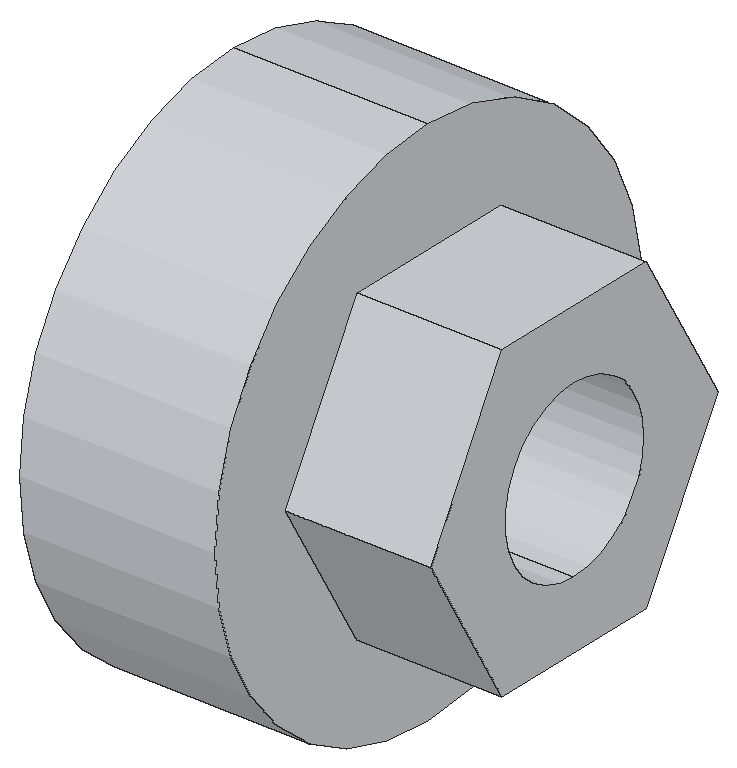
Revit family "TR2073", category Verbindungsmittel, Revit 2021
Family settings
  OmniClass-Nummer = 23.25.10.27.11.21
  OmniClass-Titel = Reinforcement Couplers
  Arbeitsebenenbasiert = Nein
  Immer vertikal = Nein
  Beim Laden mit Abzugskörper schneiden = Nein
  Gemeinsam genutzt = Nein
Parameters (values of type "TR 2073-ø18")
  URL = "http//:www.annahuette.com"
  Typenkommentare = "TR 2073 - Ankerstück"
  Typenbild = TR2073.png
  TR2073-ød = 18 mm
  TR2073-ø = 55 mm
  TR2073-SW_Vis = [TR2073-SW] = [TR2073-SW]  # yes
  TR2073-SW = 32 mm
  TR2073-Ld = 20 mm
  TR2073-L_Vis = [TR2073-L] = [TR2073-L]  # yes
  TR2073-L1 = [TR2073-L] - [TR2073-Ld]  # 15 mm
  TR2073-L = 35 mm
  TR2073-G_Vis = [TR2073-G] = [TR2073-G]  # yes
  TR2073-G = 0.28 kg
  Stabgröße 2 = Keine
  Stabgröße 1 = SAS 670 - ø18
  Modell = "TR 2073"
  Körper = if([TR2073-G_Vis], [TR2073-G], 0.00 kg)  # 0,28 kg
  Hersteller = "Stahlwerk Annahütte Max Aicher GmbH Co.KG"
  Gesamtlänge = if([TR2073-L_Vis], [TR2073-L], 0 mm)  # 35 mm
  Endenbearbeitung 2 = Mit Gewinde
  Endenbearbeitung 1 = Mit Gewinde
  Einfassung Stab 2 = 0 mm  # constant formula
  Einfassung Stab 1 = if([TR2073-L_Vis], [TR2073-L], 0 mm)  # 35 mm
  Beschreibung = "TR2073-ø18"
  Außendurchmesser = if([TR2073-SW_Vis], [TR2073-SW], 0 mm)  # 32 mm
Types (11, lengths in mm): name | Typenkommentare | TR2073-ød | TR2073-ø | TR2073-SW | TR2073-Ld | TR2073-L1 | TR2073-L | TR2073-G | Stabgröße 1 | Körper | Gesamtlänge | Einfassung Stab 2 | Einfassung Stab 1 | Beschreibung | Außendurchmesser
  (no name) | "TR 2073 - Ankerstück" | 18 | 55 | 32 | 20 | 15 | 35 | 0.28 kg | SAS 670 - ø18 | 0.28 (stored number, unit not read) | 35 | (empty or 0) | 0.11483 (stored number, unit not read) | "TR2073-ø18" | 32
  TR 2073-ø18 | "TR 2073 - Ankerstück" | 18 | 55 | 32 | 20 | 15 | 35 | 0.28 kg | SAS 670 - ø18 | 0,28 kg | 35 | 0 mm | 35 mm | "TR2073-ø18" | 32
  TR 2073-ø22 | "TR 2073 - Ankermutter mit Bund" | 22 | 65 | 36 | 20 | 25 | 45 | 0.43 kg | SAS 670 - ø22 | 0,43 kg | 45 | 0 mm | 45 mm | "TR2073-ø22" | 36
  TR 2073-ø25 | "TR 2073 - Ankermutter mit Bund" | 25 | 75 | 41 | 20 | 30 | 50 | 0.62 kg | SAS 670 - ø25 | 0,62 kg | 50 | 0 mm | 50 mm | "TR2073-ø25" | 41
  TR 2073-ø28 | "TR 2073 - Ankerstück" | 28 | 85 | 46 | 20 | 35 | 55 | 0.85 kg | SAS 670 - ø28 | 0,85 kg | 55 | 0 mm | 55 mm | "TR2073-ø28" | 46
  TR 2073-ø30 | "TR 2073 - Ankermutter mit Bund" | 30 | 90 | 50 | 20 | 40 | 60 | 1.03 kg | SAS 670 - ø30 | 1,03 kg | 60 | 0 mm | 60 mm | "TR2073-ø30" | 50
  TR 2073-ø35 | "TR 2073 - Ankermutter mit Bund" | 35 | 105 | 60 | 30 | 40 | 70 | 1.66 kg | SAS 670 - ø35 | 1,66 kg | 70 | 0 mm | 70 mm | "TR2073-ø35" | 60
  TR 2073-ø43 | "TR 2073 - Ankermutter mit Bund" | 43 | 130 | 70 | 30 | 55 | 85 | 2.74 kg | SAS 670 - ø43 | 2,74 kg | 85 | 0 mm | 85 mm | "TR2073-ø43" | 70
  TR 2073-ø50 | "TR 2073 - Ankermutter mit Bund" | 50 | 150 | 80 | 30 | 70 | 100 | 3.63 kg | SAS 670 - ø50 | 3,63 kg | 100 | 0 mm | 100 mm | "TR2073-ø50" | 80
  TR 2073-ø57,5 | "TR 2073 - Ankermutter mit Bund" | 57.5 | 175 | 90 | 30 | 85 | 115 | 6.96 kg | SAS 670 - ø57,5 | 6,96 kg | 115 | 0 mm | 115 mm | "TR2073-ø57,5" | 90
  TR 2073-ø63,5 | "TR 2073 - Ankermutter mit Bund" | 63.5 | 190 | 100 | 40 | 85 | 125 | 8.78 kg | SAS 670 - ø63,5 | 8,78 kg | 125 | 0 mm | 125 mm | "TR2073-ø63,5" | 100
Reference planes
  plane 1: y = 0
  plane 2: z = 0
  plane 3: x = 0
  plane 4: through (-1200, 0, 0) normal (0, -0.866, -0.5)
  plane 5: through (-1200, 0, 0) normal (0, -0.866, 0.5)
Forms (mm)
  Extrusion 1, solid
    sketch origin (0, 0, 0) x (0, 0, 1) y (0, 1, 0)
      loop
        line (-16, -9.238) -> (0, -18.475) -> (16, -9.238) -> (16, 9.238) -> (0, 18.475) -> (-16, 9.238) -> (-16, -9.238)
      loop
        circle (0, 0) r 9
    from 0 to 15 <- "TR2073-L1"
  Extrusion 2, solid
    sketch origin (-125, 0, 0) x (0, 0, 1) y (0, 1, 0)
      loop
        circle (0, 0) r 27.5
      loop
        circle (0, 0) r 9
    from -110 to -90
Dimensions and locks
  "TR2073-SW": Extrusion 1 sketch curve to Extrusion 1 sketch curve  (x3)
  "Gesamtlänge": Extrusion 2 to Extrusion 1
  "TR2073-Ld": Extrusion 2 to Extrusion 2
  "TR2073-ød": diameter of Extrusion 1 sketch curve
  "TR2073-ø": diameter of Extrusion 2 sketch curve
  "TR2073-ød": diameter of Extrusion 2 sketch curve
  angle plane 4 to plane 5 = 60.00°
Automatic sketch dimensions
  plane 4 to Extrusion 1 sketch curve = 0 mm  (x2)
  Extrusion 1 sketch curve to plane 5 = 0 mm
  Extrusion 1 sketch curve to level = 0 mm  (x3)
  Extrusion 1 sketch curve to plane 1 = 0 mm
  Extrusion 2 sketch curve to Extrusion 2 sketch curve = 0 mm  (x2)
  Extrusion 2 sketch curve to level = 0 mm
  Extrusion 2 sketch curve to plane 1 = 0 mm
